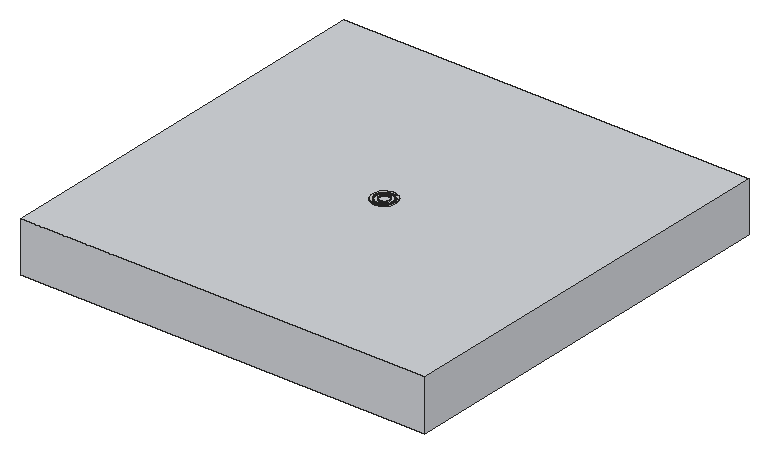
Revit family "LAMP_HANCE DOWNLIGHT RECESSED FLOOD 1000_2000", category Modelos genéricos, Revit 2015
Parameters (values of type "675LM 4000K 1000 BLACK")
  Weight = 0.72 kg
  Type = "COB PHILIPS"
  Tilting [instance] = if(Tilt < 0.00°, 180.00°, if(Tilt > 30.00°, 210.00°, Tilt + 180.00°))  # 180.00°
  Tilt [instance] = 0.00°
  Recessed diameter = 132 mm
  Protection rating = "IP20"
  Product datasheet = "http://www.lamp.es/product-files/TECH/HD1RE10FL840NBB-EN.pdf"
  Product code = "HD1RE10FL840NBB"
  Product URL = "https://www.lamp.es/en/family/hance-downlight_196363"
  Power Supply = "220-240V 50/60Hz"
  Power = 7 W
  Plum = 7.6 W
  Photometric web file = Cuerpo Hance BASE (tilting)_FL : 675LM 4000K 1000 BLACK
  Modelo = Product code  # "HD1RE10FL840NBB"
  Model explanation = "Availability of tilting between 0º and 30º when placed in a project."
  Material interior aro = LAMP_Aluminio Hance Negro
  Material aro = LAMP_Aluminio Hance Negro
  Manufacturer name = "LAMP"
  Manufacturer country = "Spain"
  Manufacturer URL = "http://www.lamp.es/en"
  MacAdam = "3"
  Luminaire type = "Indoor - Recessed downlight"
  Last update = "18/10/2019"
  Lamp = "COB LED"
  LED Lifetime = "50.000 L90 B10"
  Insulation class = "II"
  Installation instructions = "https://www.lamp.es/product-files/INS/1004410-B-INSTR.%20DE%20MONTAJE%20HANCE%20DOWNLIGHT.pdf"
  Initial intensity = 675 lm
  Initial color = 4000 K
  IEE = "A+"
  Gear = "Electronic"
  Finish = "Texturised black RAL 9011"
  Fabricante = Manufacturer name  # "LAMP"
  Default Elevation = 1219.2 mm
  Efficacy = 88.82 lm/W
  Diameter = 143 mm
  Descripción = "HANCE DOWN REC 1000 NW FL BK."
  Decorative ring [instance] = Aro decorativo (tilting) : Black
  Comentarios de tipo = Model explanation  # "Availability of tilting between 0º and 30º when placed in a project."
  CRI = "80"
Types (8, lengths in mm): name | Product datasheet | Product code | Power | Plum | Photometric web file | Modelo | Material aro | LED Lifetime | Initial intensity | Initial color | IEE | Finish | Efficacy | Descripción
  675LM 4000K 1000 BLACK | "http://www.lamp.es/product-files/TECH/HD1RE10FL840NBB-EN.pdf" | "HD1RE10FL840NBB" | 7 W | 7.6 W | Cuerpo Hance BASE (tilting)_FL : 675LM 4000K 1000 BLACK | "HD1RE10FL840NBB" | LAMP_Aluminio Hance Negro | "50.000 L90 B10" | 675 lm | 4000 K | "A+" | "Texturised black RAL 9011" | 88.82 lm/W | "HANCE DOWN REC 1000 NW FL BK."
  675LM 4000K 1000 WHITE | "http://www.lamp.es/product-files/TECH/HD1RE10FL840NBW-EN.pdf" | "HD1RE10FL840NBW" | 7 W | 7.6 W | Cuerpo Hance BASE (tilting)_FL : 675LM 4000K 1000 WHITE | "HD1RE10FL840NBW" | LAMP_Aluminio Hance Blanco | "50.000 L90 B10" | 675 lm | 4000 K | "A+" | "Texturised white RAL 9010" | 88.82 lm/W | "HANCE DOWN REC 1000 NW FL WH."
  697LM 3000K 1000 BLACK | "http://www.lamp.es/product-files/TECH/HD1RE10FL830NBB-EN.pdf" | "HD1RE10FL830NBB" | 7 W | 7.7 W | Cuerpo Hance BASE (tilting)_FL : 697LM 3000K 1000 BLACK | "HD1RE10FL830NBB" | LAMP_Aluminio Hance Negro | "50.000 L90 B10" | 697 lm | 3000 K | "A+" | "Texturised black RAL 9011" | 90.49 lm/W | "HANCE DOWN REC 1000 WW FL BK."
  697LM 3000K 1000 WHITE | "http://www.lamp.es/product-files/TECH/HD1RE10FL830NBW-EN.pdf" | "HD1RE10FL830NBW" | 7 W | 7.7 W | Cuerpo Hance BASE (tilting)_FL : 697LM 3000K 1000 WHITE | "HD1RE10FL830NBW" | LAMP_Aluminio Hance Blanco | "50.000 L90 B10" | 697 lm | 3000 K | "A+" | "Texturised white RAL 9010" | 90.49 lm/W | "HANCE DOWN REC 1000 WW FL WH."
  1445LM 3000K 2000 BLACK | "http://www.lamp.es/product-files/TECH/HD1RE20FL830NBB-EN.pdf" | "HD1RE20FL830NBB" | 18 W | 20.7 W | Cuerpo Hance BASE (tilting)_FL : 1445LM 3000K 2000 BLACK | "HD1RE20FL830NBB" | LAMP_Aluminio Hance Negro | "50.000 L80 B10" | 1445 lm | 3000 K | "A" | "Texturised black RAL 9011" | 69.83 lm/W | "HANCE DOWN REC 2000 WW FL BK."
  1445LM 3000K 2000 WHITE | "http://www.lamp.es/product-files/TECH/HD1RE20FL830NBW-EN.pdf" | "HD1RE20FL830NBW" | 18 W | 20.7 W | Cuerpo Hance BASE (tilting)_FL : 1445LM 3000K 2000 WHITE | "HD1RE20FL830NBW" | LAMP_Aluminio Hance Blanco | "50.000 L80 B10" | 1445 lm | 3000 K | "A" | "Texturised white RAL 9010" | 69.83 lm/W | "HANCE DOWN REC 2000 WW FL WH."
  1466LM 4000K 2000 BLACK | "http://www.lamp.es/product-files/TECH/HD1RE20FL840NBB-EN.pdf" | "HD1RE20FL840NBB" | 18 W | 20.6 W | Cuerpo Hance BASE (tilting)_FL : 1466LM 4000K 2000 BLACK | "HD1RE20FL840NBB" | LAMP_Aluminio Hance Negro | "50.000 L80 B10" | 1466 lm | 4000 K | "A" | "Texturised black RAL 9011" | 71.17 lm/W | "HANCE DOWN REC 2000 NW FL BK."
  1466LM 4000K 2000 WHITE | "http://www.lamp.es/product-files/TECH/HD1RE20FL840NBW-EN.pdf" | "HD1RE20FL840NBW" | 18 W | 20.6 W | Cuerpo Hance BASE (tilting)_FL : 1466LM 4000K 2000 WHITE | "HD1RE20FL840NBW" | LAMP_Aluminio Hance Blanco | "50.000 L80 B10" | 1466 lm | 4000 K | "A" | "Texturised white RAL 9010" | 71.17 lm/W | "HANCE DOWN REC 2000 NW FL WH."
Reference planes
  plane 1 "Centro (Frontal/Posterior)": y = 0
  plane 2: z = 0
  plane 3 "Centro (Izquierda/Derecha)": x = 0
Forms (mm)
  Extrusion 1, solid
    sketch origin (0, 0, 0) x (1, 0, 0) y (0, 1, 0)
      loop
        line (-1219.2, 1219.2) -> (-1219.2, -1219.2) -> (1219.2, -1219.2) -> (1219.2, 1219.2) -> (-1219.2, 1219.2)
    from 0 to -304.8
  Revolve 2, solid, material "LAMP_Aluminio Hance Negro" <- "Material aro"
    sketch origin (0, 0, 0) x (1, 0, 0) y (0, 0, 1)
      loop
        line (71.4, 0) -> (71.4, 1) -> (56.5, 1) -> (56.5, -70) -> (64.5, -70) -> (64.5, -69) -> (59, -69) -> (59, 0) -> (71.4, 0)
      axis (0, 1) -> (0, -70)
    angle from 0 to 360
  Revolve 3, solid, material "LAMP_Aluminio Hance Negro" <- "Material interior aro"
    sketch origin (0, 0, 0) x (1, 0, 0) y (0, 0, 1)
      loop
        arc (51.874, -0.646) -> (51.598, -1.016) -> (51.498, -1.466) r 1.1
        arc (51.498, -1.466) -> (49.354, -17.889) -> (43.277, -33.297) r 67.535
        arc (43.277, -33.297) -> (42.922, -33.665) -> (42.43, -33.8) r 0.965
        line (42.43, -33.8) -> (0, -33.8) -> (0, -34.8) -> (42.43, -34.8)
        arc (42.43, -34.8) -> (42.922, -34.665) -> (43.277, -34.297) r 0.965
        arc (43.277, -34.297) -> (49.354, -18.889) -> (51.498, -2.466) r 67.535
        arc (51.498, -2.466) -> (51.598, -2.016) -> (51.874, -1.646) r 1.1
        arc (51.874, -1.646) -> (53.912, -0.425) -> (56.25, 0) r 6.641
        line (56.25, 0) -> (56.25, 1)
        arc (56.25, 1) -> (53.912, 0.575) -> (51.874, -0.646) r 6.641
      axis (0, 1) -> (0, -34.8)
    angle from 0 to 360
  Extrusion 4, void
    sketch origin (0, 0, 0) x (1, 0, 0) y (0, 1, 0)
      loop
        line (7.1, 33.5) -> (-7.105, 33.5)
        arc (-7.105, 33.5) -> (-40.605, 0) -> (-7.105, -33.5) r 33.5
        line (-7.105, -33.5) -> (7.1, -33.5)
        arc (7.1, -33.5) -> (40.6, 0) -> (7.1, 33.5) r 33.5
    from -41.216 to -28.478
Cuts and joins
  Extrusion 4 cuts Revolve 3
Text (mm)
  text "Any modification of the parameters and properties of the LAMP BIM models must be executed and validated by the LAMP technical department.\n\nPhone: +34 93 736 68 00\n\nE-mail: lamp@lamp.es\n\n\n\nLAMP reserves the right to modify the technical specifications of its products." at (39771.841, -40794.867, 40621.237), in view "Preview"
Dimensions and locks
  aligned and locked: plane 2 to Extrusion 1
  aligned and locked: level to Extrusion 1
Nested families
  nested 1: "Cuerpo Hance BASE (tilting)_FL" at (0, 1.967, -41.662), type <- "Photometric web file", type "675LM 4000K 1000 BLACK"
    with Tilting 180.00°
  nested 2: "Aro decorativo (tilting)" at (-27.9, 0, -89.982), type <- "Decorative ring", type "Black"
    with Tilting 0.00°
Connectors
  electrical at (-16.363, 0, -133)
    settings: on nested 1, index 1, voltage 230 V, apparent load 0 VA, apparent load phase1 0 VA, apparent load phase2 0 VA, apparent load phase3 0 VA, power factor 1, load classification "Otro", number of poles 1, system type 31, power factor state 1, is connector primary yes, connector utility no, sub classification motor no, connector description ""
Definition of nested family "Cuerpo Hance BASE (tilting)_FL"
  Parameters (values of type "675LM 4000K 1000 BLACK")
    Tilting = 90.00°
    Photometric web file = Cuerpo Hance BASE_FL : 675LM 4000K 1000 BLACK
    Longitud cuerpo = 135 mm
    Default Elevation = 1219.2 mm
  Types (17, lengths in mm): name | Photometric web file
    (no name) | Cuerpo Hance BASE_FL : 675LM 4000K 1000 BLACK
    675LM 4000K 1000 BLACK | Cuerpo Hance BASE_FL : 675LM 4000K 1000 BLACK
    675LM 4000K 1000 WHITE | Cuerpo Hance BASE_FL : 675LM 4000K 1000 WHITE
    697LM 3000K 1000 BLACK | Cuerpo Hance BASE_FL : 697LM 3000K 1000 BLACK
    697LM 3000K 1000 WHITE | Cuerpo Hance BASE_FL : 697LM 3000K 1000 WHITE
    1445LM 3000K 2000 BLACK | Cuerpo Hance BASE_FL : 1445LM 3000K 2000 BLACK
    1445LM 3000K 2000 WHITE | Cuerpo Hance BASE_FL : 1445LM 3000K 2000 WHITE
    1466LM 4000K 2000 BLACK | Cuerpo Hance BASE_FL : 1466LM 4000K 2000 BLACK
    1466LM 4000K 2000 WHITE | Cuerpo Hance BASE_FL : 1466LM 4000K 2000 WHITE
    2686LM 4000K 3000 BLACK | Cuerpo Hance BASE_FL : 2686LM 4000K 3000 BLACK
    2686LM 4000K 3000 WHITE | Cuerpo Hance BASE_FL : 2686LM 4000K 3000 WHITE
    2740LM 3000K 3000 BLACK | Cuerpo Hance BASE_FL : 2740LM 3000K 3000 BLACK
    2740LM 3000K 3000 WHITE | Cuerpo Hance BASE_FL : 2740LM 3000K 3000 WHITE
    3695LM 3000K 4000 BLACK | Cuerpo Hance BASE_FL : 3695LM 3000K 4000 BLACK
    3695LM 3000K 4000 WHITE | Cuerpo Hance BASE_FL : 3695LM 3000K 4000 WHITE
    3845LM 4000K 4000 BLACK | Cuerpo Hance BASE_FL : 3845LM 4000K 4000 BLACK
    3845LM 4000K 4000 WHITE | Cuerpo Hance BASE_FL : 3845LM 4000K 4000 WHITE
  Reference planes
    plane 1 "Centro (Frontal/Posterior)": y = 0
    plane 2: z = 0
    plane 3 "Centro (Izquierda/Derecha)": x = 0
  Lines and regions (mm)
    reference lines
      curve 1: line (0, 0, 0) -> (200, 0, 0)
  Dimensions and locks
    "Tilting": angle plane 3 "Centro (Izquierda/Derecha)" to curve 1
    aligned and locked: level to plane 2
    aligned and locked: plane 3 "Centro (Izquierda/Derecha)" to curve 1
    aligned and locked: plane 2 to curve 1
  Nested families
    nested 1: "Cuerpo Hance BASE_FL" at (-50.338, -1.967, 27.875), type <- "Photometric web file", type "675LM 4000K 1000 BLACK"
  Definition of nested family "Cuerpo Hance BASE_FL"
    Parameters (values of type "675LM 4000K 1000 BLACK")
      Tilt Angle = 90.00° + Tilting  # 180.00°
      Wattage = 7.6 W
      Tilting = 90.00°
      built-in parameter 1150107 = 4000 (stored number, unit not read)
      Radio vacio posterior = Radio cuerpo - 2.2 mm  # 30.3 mm
      Radio vaciado = Radio cuerpo - 1.5 mm  # 31 mm
      Radio cuerpo = if(Longitud cuerpo = 210 mm, 45 mm, 32.5 mm)  # 32.5 mm
      built-in parameter 1150110 = 1 (stored number, unit not read)
      built-in parameter 1150109 = 1 (stored number, unit not read)
      built-in parameter 1150112 = 1 (stored number, unit not read)
      built-in parameter 1150113 = 1 (stored number, unit not read)
      built-in parameter 1114218 = 1 (stored number, unit not read)
      built-in parameter 1150137 = (empty or 0)
      built-in parameter 1150132 = 2
      Material reflector = none
      Material cuerpo = none
      Material COB = none
      Longitud cuerpo = 135 mm
      Long. origen luz = if(Longitud cuerpo = 135 mm, 20 mm, if(Longitud cuerpo = 170 mm, 55 mm, 90 mm))  # 20 mm
      L_3 = if(Ancho disipador posterior = 80.4 mm, 39.6 mm, 12 mm)  # 12 mm
      L_2 = if(Ancho disipador posterior = 80.4 mm, 36.3 mm, 22.6 mm)  # 22.6 mm
      L_1 = if(Ancho disipador posterior = 80.4 mm, 36.8 mm, 25.4 mm)  # 25.4 mm
      built-in parameter 1150105 = 2229.4 (stored number, unit not read)
      built-in parameter 1150102 = (empty or 0)
      built-in parameter 1150106 = 22.294 (stored number, unit not read)
      Lumens = 675.032 lm
      Color Filter = 16777215
      built-in parameter 1114217 = 1 (stored number, unit not read)
      built-in parameter 1150139 = (empty or 0)
      Default Elevation = 1219.2 mm
      built-in parameter 1150104 = 8.2516 (stored number, unit not read)
      Diametro aro = if(Radio cuerpo = 45 mm, 42.9 mm, 30.4 mm)  # 30.4 mm
      built-in parameter 1150115 = 1 (stored number, unit not read)
      built-in parameter 1150114 = 1 (stored number, unit not read)
      built-in parameter 1150138 = (empty or 0)
      built-in parameter 1150134 = 12
      Dimming Lamp Color Temperature Shift = (empty or 0)
      Photometric Web File = "HD1RE10FL840NBB.IES"
      Ancho vaciado reflector = if(Radio cuerpo = 45 mm, 34.4 mm, 21.9 mm)  # 21.9 mm
      Ancho reflector = if(Radio cuerpo = 45 mm, 35.4 mm, 22.9 mm)  # 22.9 mm
      Ancho disipador posterior = if(Radio cuerpo = 32.5 mm, 53 mm, 80.4 mm)  # 53 mm
      built-in parameter 1150133 = 10 (stored number, unit not read)
      Altura disipador superior = if(Radio cuerpo = 45 mm, 23.9 mm, 36.9 mm)  # 36.9 mm
      Ancho disipador superior = if(Radio cuerpo = 45 mm, 28 mm, 22.6 mm)  # 22.6 mm
    Types (16, lengths in mm): name | Wattage | built-in parameter 1150107 | built-in parameter 1150105 | built-in parameter 1150106 | Lumens | built-in parameter 1150104 | built-in parameter 1150134 | Photometric Web File
      675LM 4000K 1000 BLACK | 7.6 W | 4000 (stored number, unit not read) | 2229.4 (stored number, unit not read) | 22.294 (stored number, unit not read) | 675.032 lm | 8.2516 (stored number, unit not read) | 12 | "HD1RE10FL840NBB.IES"
      675LM 4000K 1000 WHITE | 7.6 W | 4000 (stored number, unit not read) | 2229.4 (stored number, unit not read) | 22.294 (stored number, unit not read) | 675.032 lm | 8.2516 (stored number, unit not read) | 12 | "HD1RE10FL840NBW.IES"
      697LM 3000K 1000 BLACK | 7.7 W | 3000 (stored number, unit not read) | 1447 (stored number, unit not read) | 14.47 (stored number, unit not read) | 696.773 lm | 8.4068 (stored number, unit not read) | (empty or 0) | "HD1RE10FL830NBB.IES"
      697LM 3000K 1000 WHITE | 7.7 W | 3000 (stored number, unit not read) | 1447 (stored number, unit not read) | 14.47 (stored number, unit not read) | 696.773 lm | 8.4068 (stored number, unit not read) | (empty or 0) | "HD1RE10FL830NBW.IES"
      1445LM 3000K 2000 BLACK | 20.7 W | 3000 (stored number, unit not read) | 3001.7 (stored number, unit not read) | 30.017 (stored number, unit not read) | 1445.48 lm | 6.4874 (stored number, unit not read) | (empty or 0) | "HD1RE20FL830NBB.IES"
      1445LM 3000K 2000 WHITE | 20.7 W | 3000 (stored number, unit not read) | 3001.7 (stored number, unit not read) | 30.017 (stored number, unit not read) | 1445.48 lm | 6.4874 (stored number, unit not read) | (empty or 0) | "HD1RE20FL830NBW.IES"
      1466LM 4000K 2000 BLACK | 20.6 W | 4000 (stored number, unit not read) | 2960 (stored number, unit not read) | 29.6 (stored number, unit not read) | 1466.1 lm | 6.6119 (stored number, unit not read) | 12 | "HD1RE20FL840NBB.IES"
      1466LM 4000K 2000 WHITE | 20.6 W | 4000 (stored number, unit not read) | 2960 (stored number, unit not read) | 29.6 (stored number, unit not read) | 1466.1 lm | 6.6119 (stored number, unit not read) | 12 | "HD1RE20FL840NBB.IES"
      2686LM 4000K 3000 BLACK | 27.8 W | 4000 (stored number, unit not read) | 5423.1 (stored number, unit not read) | 54.231 (stored number, unit not read) | 2686.04 lm | 8.9763 (stored number, unit not read) | 12 | "HD1RE30FL840NBB.IES"
      2686LM 4000K 3000 WHITE | 27.8 W | 4000 (stored number, unit not read) | 5423.1 (stored number, unit not read) | 54.231 (stored number, unit not read) | 2686.04 lm | 8.9763 (stored number, unit not read) | 12 | "HD1RE30FL840NBW.IES"
      2740LM 3000K 3000 BLACK | 28.2 W | 3000 (stored number, unit not read) | 8235.7 (stored number, unit not read) | 82.357 (stored number, unit not read) | 2739.91 lm | 9.0265 (stored number, unit not read) | (empty or 0) | "HD1RE30FL830NBB.IES"
      2740LM 3000K 3000 WHITE | 28.2 W | 3000 (stored number, unit not read) | 8235.7 (stored number, unit not read) | 82.357 (stored number, unit not read) | 2739.91 lm | 9.0265 (stored number, unit not read) | (empty or 0) | "HD1RE30FL830NBW.IES"
      3695LM 3000K 4000 BLACK | 37.6 W | 3000 (stored number, unit not read) | 294.06 (stored number, unit not read) | 2.9406 (stored number, unit not read) | 3695.33 lm | 9.1305 (stored number, unit not read) | (empty or 0) | "HD1RE40FL830NBB.IES"
      3695LM 3000K 4000 WHITE | 37.6 W | 3000 (stored number, unit not read) | 294.06 (stored number, unit not read) | 2.9406 (stored number, unit not read) | 3695.33 lm | 9.1305 (stored number, unit not read) | (empty or 0) | "HD1RE40FL830NBB.IES"
      3845LM 4000K 4000 BLACK | 37.6 W | 4000 (stored number, unit not read) | 11268 (stored number, unit not read) | 112.68 (stored number, unit not read) | 3844.98 lm | 9.5003 (stored number, unit not read) | 12 | "HD1RE40FL840NBB.IES"
      3845LM 4000K 4000 WHITE | 37.6 W | 4000 (stored number, unit not read) | 11268 (stored number, unit not read) | 112.68 (stored number, unit not read) | 3844.98 lm | 9.5003 (stored number, unit not read) | 12 | "HD1RE40FL840NBW.IES"
    Reference planes
      plane 1 "Centro (Frontal/Posterior)": y = 0
      plane 2: z = 0
      plane 3 "Centro (Izquierda/Derecha)": x = 0
    Forms (mm)
      Extrusion 1, solid, material <- "Material cuerpo"
        sketch origin (0, 0, 0) x (0, -1, 0) y (0, 0, 1)
          loop
            circle (0, -27.875) r 32.5
        from -93 to 42
      Extrusion 2, void
        sketch origin (0, 0, 0) x (0, 1, 0) y (0, 0, 1)
          loop
            line (11.3, 30) -> (-11.3, 30) -> (-11.3, -6.9)
            arc (-11.3, -6.9) -> (0, -7.855) -> (11.3, -6.9) r 67.349
            line (11.3, -6.9) -> (11.3, 30)
        from -42 to 9.4
      Extrusion 3, void
        sketch origin (0, 0, 0) x (0, 1, 0) y (0, 0, 1)
          loop
            circle (0, -27.875) r 30.3
        from -42 to -41
      Extrusion 4, void
        sketch origin (0, 0, 0) x (0, 1, 0) y (0, 0, 1)
          loop
            line (26.5, -26.291) -> (-26.5, -26.291)
            arc (-26.5, -26.291) -> (-27.7, -27.491) -> (-26.5, -28.691) r 1.2
            line (-26.5, -28.691) -> (26.5, -28.691)
            arc (26.5, -28.691) -> (27.7, -27.491) -> (26.5, -26.291) r 1.2
          loop
            line (26.115, -30.891) -> (-26.115, -30.891)
            arc (-26.115, -30.891) -> (-27.315, -32.091) -> (-26.115, -33.291) r 1.2
            line (-26.115, -33.291) -> (26.115, -33.291)
            arc (26.115, -33.291) -> (27.315, -32.091) -> (26.115, -30.891) r 1.2
          loop
            line (25.4, -35.55) -> (-24.915, -35.55)
            arc (-24.915, -35.55) -> (-26.115, -36.75) -> (-24.915, -37.95) r 1.2
            line (-24.915, -37.95) -> (25.4, -37.95)
            arc (25.4, -37.95) -> (26.6, -36.75) -> (25.4, -35.55) r 1.2
          loop
            line (22.6, -40.091) -> (-22.64, -40.091)
            arc (-22.64, -40.091) -> (-23.84, -41.291) -> (-22.64, -42.491) r 1.2
            line (-22.64, -42.491) -> (22.6, -42.491)
            arc (22.6, -42.491) -> (23.8, -41.291) -> (22.6, -40.091) r 1.2
          loop
            line (19.043, -44.691) -> (-19.086, -44.691)
            arc (-19.086, -44.691) -> (-20.286, -45.891) -> (-19.086, -47.091) r 1.2
            line (-19.086, -47.091) -> (19.043, -47.091)
            arc (19.043, -47.091) -> (20.243, -45.891) -> (19.043, -44.691) r 1.2
          loop
            line (15.357, -49.291) -> (-15.5, -49.291)
            arc (-15.5, -49.291) -> (-16.6, -50.391) -> (-15.5, -51.491) r 1.1
            line (-15.5, -51.491) -> (15.357, -51.491)
            arc (15.357, -51.491) -> (16.457, -50.391) -> (15.357, -49.291) r 1.1
          loop
            line (6, -53.691) -> (-6, -53.691)
            arc (-6, -53.691) -> (-7.1, -54.791) -> (-6, -55.891) r 1.1
            line (-6, -55.891) -> (6, -55.891)
            arc (6, -55.891) -> (7.1, -54.791) -> (6, -53.691) r 1.1
        from -42 to -38.7
      Extrusion 5, void
        sketch origin (0, 0, 0) x (-1, 0, 0) y (0, -1, 0)
          loop
            line (37.7, -9.12) -> (37.7, 9.12)
            arc (37.7, 9.12) -> (36.6, 10.22) -> (35.5, 9.12) r 1.1
            line (35.5, 9.12) -> (35.5, -9.12)
            arc (35.5, -9.12) -> (36.6, -10.22) -> (37.7, -9.12) r 1.1
          loop
            line (28.9, -9.12) -> (28.9, 9.12)
            arc (28.9, 9.12) -> (27.8, 10.22) -> (26.7, 9.12) r 1.1
            line (26.7, 9.12) -> (26.7, -9.12)
            arc (26.7, -9.12) -> (27.8, -10.22) -> (28.9, -9.12) r 1.1
          loop
            line (20.1, -9.12) -> (20.1, 9.12)
            arc (20.1, 9.12) -> (19, 10.22) -> (17.9, 9.12) r 1.1
            line (17.9, 9.12) -> (17.9, -9.12)
            arc (17.9, -9.12) -> (19, -10.22) -> (20.1, -9.12) r 1.1
        from -51.491 to 30
      Extrusion 6, void
        sketch origin (0, 0, 0) x (-1, 0, 0) y (0, -1, 0)
          loop
            line (33.3, -9.12) -> (33.3, 9.12)
            arc (33.3, 9.12) -> (32.2, 10.22) -> (31.1, 9.12) r 1.1
            line (31.1, 9.12) -> (31.1, -9.12)
            arc (31.1, -9.12) -> (32.2, -10.22) -> (33.3, -9.12) r 1.1
          loop
            line (24.5, -9.12) -> (24.5, 9.12)
            arc (24.5, 9.12) -> (23.4, 10.22) -> (22.3, 9.12) r 1.1
            line (22.3, 9.12) -> (22.3, -9.12)
            arc (22.3, -9.12) -> (23.4, -10.22) -> (24.5, -9.12) r 1.1
        from -8.232 to 30
      Extrusion 7, void
        sketch origin (0, 0, 0) x (0, 1, 0) y (0, 0, 1)
          loop
            circle (0, -27.875) r 31
        from 17.213 to 93
      Revolve 8, solid, material <- "Material reflector"
        sketch origin (0, 0, 0) x (1, 0, 0) y (0, 0, 1)
          loop
            line (60.5, -27.875) -> (80.818, -27.875) -> (80.818, -4.975) -> (60.5, -19.875) -> (60.5, -27.875)
          axis (60.5, -27.875) -> (80.818, -27.875)
        angle from 0 to 360
      Revolve 9, void
        sketch origin (0, 0, 0) x (1, 0, 0) y (0, 0, 1)
          loop
            line (80.818, -5.975) -> (61.5, -20.142) -> (60.5, -20.142) -> (60.5, -27.875) -> (61.5, -27.875) -> (80.818, -27.875) -> (80.818, -5.975)
          axis (80.818, -27.875) -> (60.5, -27.875)
        angle from 0 to 360
      Extrusion 10, solid, material <- "Material COB"
        sketch origin (0, 0, 0) x (0, -1, 0) y (0, 0, 1)
          loop
            circle (0, -27.875) r 7.733
        from -61.5 to -60.5
    Cuts and joins
      Extrusion 2, Extrusion 3, Extrusion 4, Extrusion 5, Extrusion 6, Extrusion 7 cuts Extrusion 1
      Revolve 9 cuts Revolve 8
    Lines and regions (mm)
      reference lines
        curve 1: line (0, 0, 0) -> (178.042, 0, 0)
        curve 2: line (93, 0, -27.875) -> (113, 0, -27.875)
        curve 3: line (0, 0, 0) -> (0, 0, -75)
        curve 4: line (93, 0, -22.875) -> (93, 0, -32.875)
    Text (mm)
      text "Any modification of the parameters and properties of the LAMP BIM models must be executed and validated by the LAMP technical department.\n\nPhone: +34 93 736 68 00\n\nE-mail: lamp@lamp.es\n\n\n\nLAMP reserves the right to modify the technical specifications of its products." at (97482.136, -81600.41, 57308.082), in view "Preview"
    Dimensions and locks
      locked: Revolve 9 sketch curve to cut or joined group of Extrusion 1, Extrusion 2, Extrusion 3, Extrusion 4, Extrusion 5, Extrusion 6, Extrusion 7 at 12.182
      "Longitud cuerpo": cut or joined group of Extrusion 1, Extrusion 2, Extrusion 3, Extrusion 4, Extrusion 5, Extrusion 6, Extrusion 7 to cut or joined group of Extrusion 1, Extrusion 2, Extrusion 3, Extrusion 4, Extrusion 5, Extrusion 6, Extrusion 7
      locked: cut or joined group of Extrusion 1, Extrusion 2, Extrusion 3, Extrusion 4, Extrusion 5, Extrusion 6, Extrusion 7 to curve 3 at 42
      locked: cut or joined group of Revolve 8, Revolve 9 to cut or joined group of Extrusion 1, Extrusion 2, Extrusion 3, Extrusion 4, Extrusion 5, Extrusion 6, Extrusion 7 at 12.182
      locked: cut or joined group of Revolve 8, Revolve 9 to cut or joined group of Revolve 8, Revolve 9 at 20.318
      locked: cut or joined group of Extrusion 1, Extrusion 2, Extrusion 3, Extrusion 4, Extrusion 5, Extrusion 6, Extrusion 7 to Extrusion 10 at 31.5
      locked: Extrusion 10 to Extrusion 10 at 1
      "Long. origen luz": curve 4 to curve 2
      equal spacing: Extrusion 4 sketch curve, plane 1 "Centro (Frontal/Posterior)", Extrusion 4 sketch curve  (x2)
      "Ancho disipador posterior": Extrusion 4 sketch curve to Extrusion 4 sketch curve
      "L_1": Extrusion 4 sketch curve to plane 1 "Centro (Frontal/Posterior)"
      "L_2": Extrusion 4 sketch curve to curve 3
      "L_3": Extrusion 4 sketch curve to Extrusion 4 sketch curve
      equal spacing: Extrusion 2 sketch curve, plane 1 "Centro (Frontal/Posterior)", Extrusion 2 sketch curve
      "Ancho disipador superior": Extrusion 2 sketch curve to Extrusion 2 sketch curve
      "Altura disipador superior": Extrusion 2 sketch curve to Extrusion 2 sketch curve
      locked: plane 2 to Extrusion 2 sketch curve at 30
      "Ancho reflector": Revolve 8 sketch curve to imposter light
      "Ancho vaciado reflector": Revolve 9 sketch curve to imposter light
      "Radio cuerpo": radius of Extrusion 1 sketch curve
      "Radio vaciado": radius of Extrusion 7 sketch curve
      "Radio vacio posterior": radius of Extrusion 3 sketch curve
      "Tilting": angle plane 3 "Centro (Izquierda/Derecha)" to curve 1
      aligned and locked: level to plane 2
      aligned and locked: imposter light to curve 2  (x2)
      aligned and locked: cut or joined group of Extrusion 1, Extrusion 2, Extrusion 3, Extrusion 4, Extrusion 5, Extrusion 6, Extrusion 7 to cut or joined group of Extrusion 1, Extrusion 2, Extrusion 3, Extrusion 4, Extrusion 5, Extrusion 6, Extrusion 7
    Automatic sketch dimensions
      curve 1 to Extrusion 5 sketch curve = 17.9 mm
      Extrusion 5 sketch curve to Extrusion 5 sketch curve = 1.1 mm  (x3)
      Extrusion 5 sketch curve to Extrusion 5 sketch curve = 6.6 mm  (x2)
      Extrusion 5 sketch curve to curve 1 = 9.12 mm  (x2)
      Extrusion 5 sketch curve to Extrusion 5 sketch curve = 0 mm  (x3)
      curve 1 to Extrusion 5 sketch curve = 9.12 mm
      curve 1 to Extrusion 6 sketch curve = 22.3 mm
      Extrusion 6 sketch curve to Extrusion 6 sketch curve = 1.1 mm  (x2)
      Extrusion 6 sketch curve to Extrusion 6 sketch curve = 6.6 mm
      Extrusion 6 sketch curve to curve 1 = 9.12 mm
      Extrusion 6 sketch curve to Extrusion 6 sketch curve = 0 mm  (x2)
      curve 1 to Extrusion 6 sketch curve = 9.12 mm
      Extrusion 10 sketch curve to plane 1 "Centro (Frontal/Posterior)" = 0 mm
      Extrusion 1 sketch curve to plane 1 "Centro (Frontal/Posterior)" = 0 mm
      Extrusion 1 sketch curve to level = 27.875 mm
      Extrusion 2 sketch curve to plane 1 "Centro (Frontal/Posterior)" = 0 mm
      Extrusion 2 sketch curve to Extrusion 2 sketch curve = 29.494 mm
      Extrusion 3 sketch curve to plane 1 "Centro (Frontal/Posterior)" = 0 mm
      Extrusion 3 sketch curve to level = 27.875 mm
      Extrusion 4 sketch curve to Extrusion 4 sketch curve = 0.385 mm  (x2)
      Extrusion 4 sketch curve to Extrusion 4 sketch curve = 1.2 mm  (x6)
      Extrusion 4 sketch curve to Extrusion 4 sketch curve = 2.276 mm
      Extrusion 4 sketch curve to Extrusion 4 sketch curve = 3.554 mm
      Extrusion 4 sketch curve to Extrusion 4 sketch curve = 3.586 mm
      Extrusion 4 sketch curve to Extrusion 4 sketch curve = 9.357 mm
      Extrusion 4 sketch curve to Extrusion 4 sketch curve = 3.557 mm
      Extrusion 4 sketch curve to level = 55.891 mm
      Extrusion 4 sketch curve to Extrusion 4 sketch curve = 1.1 mm  (x2)
      Extrusion 4 sketch curve to Extrusion 4 sketch curve = 2.2 mm  (x4)
      Extrusion 4 sketch curve to Extrusion 4 sketch curve = 2.141 mm
      Extrusion 4 sketch curve to Extrusion 4 sketch curve = 2.259 mm
      Extrusion 7 sketch curve to plane 1 "Centro (Frontal/Posterior)" = 0 mm
      Extrusion 7 sketch curve to level = 27.875 mm
      curve 1 to Revolve 8 sketch curve = 19.875 mm
      curve 1 to Revolve 8 sketch curve = 60.5 mm
      Revolve 8 sketch curve to Revolve 8 sketch curve = 20.318 mm
      Revolve 8 sketch curve to Revolve 8 sketch curve = 8 mm
      Revolve 8 sketch curve to Revolve 8 sketch curve = 0 mm  (x2)
      Revolve 8 sketch curve to Revolve 8 sketch curve = 9.682 mm
      Revolve 9 sketch curve to Revolve 9 sketch curve = 19.318 mm
      Revolve 9 sketch curve to Revolve 9 sketch curve = 0 mm  (x3)
      Revolve 9 sketch curve to Revolve 9 sketch curve = 1 mm
      curve 1 to Revolve 9 sketch curve = 20.142 mm
      Revolve 9 sketch curve to Revolve 9 sketch curve = 7.733 mm
      Revolve 9 sketch curve to Revolve 9 sketch curve = 9.682 mm
      curve 1 to level = 0 mm
      curve 1 to plane 3 "Centro (Izquierda/Derecha)" = 0 mm
      curve 3 to curve 1 = 0 mm  (x2)
      curve 3 to curve 1 = 75 mm
      curve 1 to curve 4 = 32.875 mm
      curve 4 to curve 1 = 85.042 mm
      curve 4 to curve 2 = 5 mm
      curve 2 to curve 4 = 5 mm
      radius of Extrusion 10 sketch curve = 7.733 mm
Definition of nested family "Aro decorativo (tilting)"
  Parameters (values of type "Copper")
    Weight (3000/4000) = 0.016 kg
    Weight (1000/2000) = 0.01 kg
    Tilting = 90.00°
    Product datasheet = ""
    Product code (3000/4000) = "HSRI90C"
    Product code (1000/2000) = "HSRI65C"
    Product URL = ""
    Model = ""
    Material aro = none
    Manufacturer name = "LAMP"
    Manufacturer country = "Spain"
    Manufacturer URL = "http://www.lamp.es/en"
    Longitud = 63.6 mm
    Last update = "21/05/2018"
    Installation instructions = ""
    Finish = "Metalized matt copper"
    Manufacturer = Manufacturer name  # "LAMP"
    Default Elevation = 1219.2 mm
    Diameter (3000/4000) = 90 mm
    Diameter (1000/2000) = 65 mm
    Description = ""
    Accessory Type = "Optic"
    3000/4000 Model = "HSRI90C"
    3000/4000 Description = "HANCE 3000/4000 ACC. RING DECO CO."
    1000/2000 Model = "HSRI65C"
    1000/2000 Description = "HANCE 1000/2000 ACC. RING DECO CO."
  Types (5, lengths in mm): name | Product code (3000/4000) | Product code (1000/2000) | Finish | 3000/4000 Model | 3000/4000 Description | 1000/2000 Model | 1000/2000 Description
    (no name) | "HSRI90C" | "HSRI65C" | "Metalized matt copper" | "HSRI90C" | "HANCE 3000/4000 ACC. RING DECO CO." | "HSRI65C" | "HANCE 1000/2000 ACC. RING DECO CO."
    Black | "HSRI90B" | "HSRI65B" | "Matt black" | "HSRI90B" | "HANCE 3000/4000 ACC. RING DECO BK." | "HSRI65B" | "HANCE 1000/2000 ACC. RING DECO BK."
    Copper | "HSRI90C" | "HSRI65C" | "Metalized matt copper" | "HSRI90C" | "HANCE 3000/4000 ACC. RING DECO CO." | "HSRI65C" | "HANCE 1000/2000 ACC. RING DECO CO."
    Grey | "HSRI90M" | "HSRI65M" | "Metalized matt silver" | "HSRI90M" | "HANCE 3000/4000 ACC. RING DECO MET." | "HSRI65M" | "HANCE 1000/2000 ACC. RING DECO MET."
    White | "HSRI90W" | "HSRI65W" | "Matt White" | "HSRI90W" | "HANCE 3000/4000 ACC. RING DECO WH." | "HSRI65W" | "HANCE 1000/2000 ACC. RING DECO WH."
  Reference planes
    plane 1 "Centro (Frontal/Posterior)": y = 0
    plane 2: z = 0
    plane 3 "Centro (Izquierda/Derecha)": x = 0
  Lines and regions (mm)
    reference lines
      curve 1: line (0, 0, 0) -> (0, 0, -27.9)
      curve 2: line (0, 0, -27.9) -> (80.8, 0, -27.9)
  Text (mm)
    text "Any modification of the parameters and properties of the LAMP BIM models must be executed and validated by the LAMP technical department.\n\nPhone: +34 93 736 68 00\n\nE-mail: lamp@lamp.es\n\n\n\nLAMP reserves the right to modify the technical specifications of its products." at (86527.204, -96597.187, 50741.736), in view "Preview"
  Dimensions and locks
    "Tilting": angle curve 1 to plane 2
    aligned and locked: level to plane 2
    aligned and locked: plane 3 "Centro (Izquierda/Derecha)" to curve 1
    aligned and locked: plane 2 to curve 1
  Automatic sketch dimensions
    curve 2 to curve 1 = 0 mm
    curve 1 to curve 2 = 0 mm
    curve 1 to curve 2 = 80.8 mm
  Nested families
    nested 1: "Aro decorativo" at (17.2, 0, 0), type "Copper"
  Definition of nested family "Aro decorativo"
    Parameters (values of type "Copper")
      Weight (3000/4000) = 0.016 kg
      Weight (1000/2000) = 0.01 kg
      Product datasheet = ""
      Product code (3000/4000) = "HSRI90C"
      Product code (1000/2000) = "HSRI65C"
      Product URL = ""
      Model = ""
      Material aro = none
      Manufacturer name = "LAMP"
      Manufacturer country = "Spain"
      Manufacturer URL = "http://www.lamp.es/en"
      Longitud = 63.6 mm
      Last update = "21/05/2018"
      Installation instructions = ""
      Finish = "Metalized matt copper"
      Manufacturer = Manufacturer name  # "LAMP"
      Default Elevation = 1219.2 mm
      Diametro vaciado aro interior = if(Diametro aro interior = 35.4 mm, 34.4 mm, 21.9 mm)  # 21.9 mm
      Diametro vaciado aro exterior = if(Diametro aro exterior = 42.9 mm, 41.9 mm, 29.4 mm)  # 29.4 mm
      Diametro aro interior = if(Diametro aro exterior = 42.9 mm, 35.4 mm, 22.9 mm)  # 22.9 mm
      Diametro aro exterior = if(Longitud = 138.6 mm, 42.9 mm, 30.4 mm)  # 30.4 mm
      Diameter (3000/4000) = 90 mm
      Diameter (1000/2000) = 65 mm
      Description = ""
      Accessory Type = "Optic"
      3000/4000 Model = "HSRI90C"
      3000/4000 Description = "HANCE 3000/4000 ACC. RING DECO CO."
      1000/2000 Description = "HANCE 1000/2000 ACC. RING DECO CO."
      1000/2000 Model = "HSRI65C"
    Types (5, lengths in mm): name | Product code (3000/4000) | Product code (1000/2000) | Finish | 3000/4000 Model | 3000/4000 Description | 1000/2000 Description | 1000/2000 Model
      (no name) | "HSRI90C" | "HSRI65C" | "Metalized matt copper" | "HSRI90C" | "HANCE 3000/4000 ACC. RING DECO CO." | "HANCE 1000/2000 ACC. RING DECO CO." | "HSRI65C"
      Black | "HSRI90B" | "HSRI65B" | "Matt black" | "HSRI90B" | "HANCE 3000/4000 ACC. RING DECO BK." | "HANCE 1000/2000 ACC. RING DECO BK." | "HSRI65B"
      Copper | "HSRI90C" | "HSRI65C" | "Metalized matt copper" | "HSRI90C" | "HANCE 3000/4000 ACC. RING DECO CO." | "HANCE 1000/2000 ACC. RING DECO CO." | "HSRI65C"
      Grey | "HSRI90M" | "HSRI65M" | "Metalized matt silver" | "HSRI90M" | "HANCE 3000/4000 ACC. RING DECO MET." | "HANCE 1000/2000 ACC. RING DECO MET." | "HSRI65M"
      White | "HSRI90W" | "HSRI65W" | "Matt white" | "HSRI90W" | "HANCE 3000/4000 ACC. RING DECO WH." | "HANCE 1000/2000 ACC. RING DECO WH." | "HSRI65W"
    Reference planes
      plane 1 "Centro (Frontal/Posterior)": y = 0
      plane 2: z = 0
      plane 3 "Centro (Izquierda/Derecha)": x = 0
    Forms (mm)
      Revolve 1, solid, material <- "Material aro"
        sketch origin (0, 0, -27.9) x (1, 0, 0) y (0, 0, 1)
          loop
            line (63.6, 0) -> (73.782, 0) -> (73.782, 30.4) -> (63.6, 22.9) -> (63.6, 0)
          axis (73.782, 0) -> (63.6, 0)
        angle from 0 to 360
      Revolve 2, void
        sketch origin (0, 0, -27.9) x (1, 0, 0) y (0, 0, 1)
          loop
            line (73.782, 29.4) -> (63.6, 21.9) -> (63.6, 0) -> (73.782, 0) -> (73.782, 29.4)
          axis (63.6, 0) -> (73.782, 0)
        angle from 0 to 360
    Cuts and joins
      Revolve 2 cuts Revolve 1
    Lines and regions (mm)
      reference lines
        curve 1: line (0, 0, -27.9) -> (63.6, 0, -27.9)
    Text (mm)
      text "Any modification of the parameters and properties of the LAMP BIM models must be executed and validated by the LAMP technical department.\n\nPhone: +34 93 736 68 00\n\nE-mail: lamp@lamp.es\n\n\n\nLAMP reserves the right to modify the technical specifications of its products." at (91886.357, -93022.329, 47898.266), in view "Preview"
    Dimensions and locks
      "Diametro aro exterior": Revolve 1 sketch curve to Revolve 1 sketch curve
      "Diametro vaciado aro exterior": Revolve 2 sketch curve to Revolve 2 sketch curve
      "Longitud": curve 1 to plane 3 "Centro (Izquierda/Derecha)"
      "Diametro aro interior": Revolve 1 sketch curve to Revolve 1 sketch curve
      "Diametro vaciado aro interior": Revolve 2 sketch curve to Revolve 2 sketch curve
      aligned and locked: level to plane 2
    Automatic sketch dimensions
      Revolve 1 sketch curve to curve 1 = 0 mm  (x4)
      curve 1 to Revolve 1 sketch curve = 10.182 mm
      Revolve 1 sketch curve to Revolve 1 sketch curve = 0 mm
      Revolve 2 sketch curve to curve 1 = 0 mm  (x3)
      curve 1 to Revolve 2 sketch curve = 10.182 mm
      Revolve 2 sketch curve to curve 1 = 1261.008 mm
      Revolve 2 sketch curve to Revolve 2 sketch curve = 1898.983 mm
      curve 1 to plane 3 "Centro (Izquierda/Derecha)" = 0 mm
      curve 1 to level = 27.9 mm
